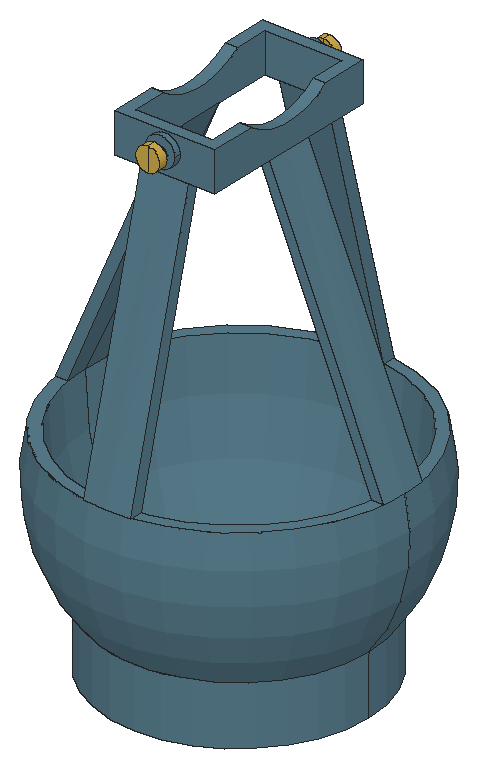
Revit family "Air_Gap-Zurn_Wilikns_Model_AG-4 thru AG-8", category Pipe Accessories, Revit 2022
Family settings
  Round Connector Dimension = Use Radius
  Part Type = Valve - Breaks Into
  OmniClass Number = 23.65.55.14
  OmniClass Title = Valves for Liquid Services
  Work Plane-Based = No
  Always vertical = Yes
  Cut with Voids When Loaded = No
  Shared = No
Parameters (values of type "AG-7 (8"-10" 375 & 475 Air Gap)")
  URL = "www.zurn.com/"
  Top End Width = 0' - 2 1/8"
  Top End Length = 0' - 3 115/128"
  Top End Height = 0' - 0 53/64"
  Top Cut center = 0' - 1 21/64"
  Top Cut Radius = 0' - 1 83/128"
  Thickness = 0' - 0 1/4"
  Repair Parts URL = ""
  Product data URL = "https://bimobject.com/zurnindustries/product/AG"
  Product Weight (lbs) = 8
  Product Page URL = "https://www.zurn.com/products/water-control/backflow-accessories/ag"
  Product Installation Sheet URL = ""
  Product Documentation Link = "https://files.zurn.com/spec-sheets/bf-ag.pdf"
  PIPE Max Radius = DIM A / 2  # 0' - 3 1/2"
  OUTER RADIUS = Base Circle OD / 2  # 0' - 2 3/4"
  Nominal Radius = Nominal Diameter / 2  # 0' - 2"
  Nominal Diameter = DIM C INNER DIAMETER  # 0' - 4"
  Modified Date = "06/18/2025"  # constant formula
  Model = "AG-7"
  Max Working Water Temperature = 0 °F
  Max Working Water Pressure = 0.00 psi
  Manufacturer Brand = "Zurn Wilkins"  # constant formula
  Manufacturer = "Zurn Water, LLC"  # constant formula
  Main Material = Paint - Zurn - Cast Grey Iron - Blue
  MR Dia = DIM A + 0' 0 1/4"  # 0' - 7 1/4"
  Length = 2' - 0"
  Height = 1' - 0"
  Flow Rate (GPM) = 0 GPM
  Description = "Air Gap Adaptor Fitting"  # constant formula
  Default Elevation = 0' - 0"
  Date Created = "06/18/2025"  # constant formula
  DIM C INNER DIAMETER = 0' - 4"
  DIM B TOTAL LENGTH = 0' - 11"
  DIM A = 0' - 7"
  Cut Height = 0' - 6 1/2"
  Bush Height = 0' - 0 1/8"  # constant formula
  Bolt hole Bush Dia = 0' - 0 161/256"
  Bolt hole Dia = 0' - 0 1/4"  # constant formula
  Bolt circle from End = 0' - 0.35"
  Bolt Width = Bolt hole Dia - 0' 0 5/64"  # 0' - 0 11/64"
  Base Height = 0' - 1 1/4"
  Base Circle OD = 0' - 5 1/2"
  Assembly Code = "D2020300"
  Arm width = 0' - 1"
Types (10): name | Top End Width | Top End Length | Top End Height | Top Cut center | Top Cut Radius | Thickness | Product Weight (lbs) | PIPE Max Radius | OUTER RADIUS | Nominal Radius | Nominal Diameter | Model | MR Dia | DIM C INNER DIAMETER | DIM B TOTAL LENGTH | DIM A | Cut Height | Bolt hole Bush Dia | Bolt circle from End | Base Height | Base Circle OD | Arm width
  (no name) | 0' - 2 1/8" | 0' - 3 115/128" | 0' - 0 53/64" | 0' - 1 21/64" | 0' - 1 83/128" | 0' - 0 1/4" | 8 | 0' - 3 1/2" | 0' - 2 3/4" | 0' - 2" | 0' - 4" | "AG-7" | 0' - 7 1/4" | 0' - 4" | 0' - 11" | 0' - 7" | 0' - 6 1/2" | 0' - 0 161/256" | 0' - 0.35" | 0' - 1 1/4" | 0' - 5 1/2" | 0' - 1"
  AG-8 (1/4” – 1/2” 975XL & 975XL2 Air Gap) | 0' - 1.3" | 0' - 1 1/2" | 0' - 0 1/2" | 0' - 0 51/128" | 0' - 0 3/4" | 0' - 0.11741" | 2 | 0' - 1 1/4" | 0' - 0 7/8" | 0' - 0 1/2" | 0' - 1" | "AG-8" | 0' - 2 3/4" | 0' - 1" | 0' - 3 1/2" | 0' - 2 1/2" | 0' - 1 3/4" | 0' - 0 1/2" | 0' - 0 1/4" | 0' - 0.7" | 0' - 1 3/4" | 0' - 0 1/2"
  AG-4 (3/4"-1" 975XL & 975XL2 Air Gap) | 0' - 1 51/128" | 0' - 1 179/256" | 0' - 0 177/256" | 0' - 0.57" | 0' - 0.8" | 0' - 0 51/256" | 2 | 0' - 1 5/8" | 0' - 0 7/8" | 0' - 0 1/2" | 0' - 1" | "AG-4" | 0' - 3 1/2" | 0' - 1" | 0' - 5" | 0' - 3 1/4" | 0' - 2.7" | 0' - 0 161/256" | 0' - 0 45/128" | 0' - 0 77/128" | 0' - 1 3/4" | 0' - 0 1/2"
  AG-5 (1 1/4" - 2" 975XL & 975XL2 Air Gap) | 0' - 2" | 0' - 2 1/8" | 0' - 0 3/4" | 0' - 0.57" | 0' - 0.8" | 0' - 0 1/4" | 3 | 0' - 2 1/4" | 0' - 1 1/2" | 0' - 1" | 0' - 2" | "AG-5" | 0' - 4 3/4" | 0' - 2" | 0' - 8" | 0' - 4 1/2" | 0' - 4 3/4" | 0' - 0 161/256" | 0' - 0 45/128" | 0' - 0 3/4" | 0' - 3" | 0' - 0 3/4"
  AG-6 (2 1/2" - 3" 475V Air Gap) | 0' - 2 1/8" | 0' - 3" | 0' - 0 205/256" | 0' - 1 77/256" | 0' - 1 77/128" | 0' - 0 1/4" | 5 | 0' - 2 11/16" | 0' - 2 1/8" | 0' - 1 1/2" | 0' - 3" | "AG-6" | 0' - 5 5/8" | 0' - 3" | 0' - 10" | 0' - 5 3/8" | 0' - 6 1/4" | 0' - 0 161/256" | 0' - 0 45/128" | 0' - 1 1/4" | 0' - 4 1/4" | 0' - 1"
  AG-7 (8"-10" 375 & 475 Air Gap) | 0' - 2 1/8" | 0' - 3 115/128" | 0' - 0 53/64" | 0' - 1 21/64" | 0' - 1 83/128" | 0' - 0 1/4" | 8 | 0' - 3 1/2" | 0' - 2 3/4" | 0' - 2" | 0' - 4" | "AG-7" | 0' - 7 1/4" | 0' - 4" | 0' - 11" | 0' - 7" | 0' - 6 1/2" | 0' - 0 161/256" | 0' - 0.35" | 0' - 1 1/4" | 0' - 5 1/2" | 0' - 1"
  AG-4 (1 1/4"-1 1/2" 975XL3 Air Gap) | 0' - 1 51/128" | 0' - 1 179/256" | 0' - 0 177/256" | 0' - 0.57" | 0' - 0.8" | 0' - 0 51/256" | 2 | 0' - 1 5/8" | 0' - 0 7/8" | 0' - 0 1/2" | 0' - 1" | "AG-4" | 0' - 3 1/2" | 0' - 1" | 0' - 5" | 0' - 3 1/4" | 0' - 2.7" | 0' - 0 161/256" | 0' - 0 45/128" | 0' - 0.6" | 0' - 1 3/4" | 0' - 0 1/2"
  AG-8 (1/2” – 1” 975XL3 Air Gap) | 0' - 1.3" | 0' - 1 1/2" | 0' - 0 1/2" | 0' - 0 51/128" | 0' - 0 3/4" | 0' - 0.11741" | 2 | 0' - 1 1/4" | 0' - 0 7/8" | 0' - 0 1/2" | 0' - 1" | "AG-8" | 0' - 2 3/4" | 0' - 1" | 0' - 3 1/2" | 0' - 2 1/2" | 0' - 1 3/4" | 0' - 0 1/2" | 0' - 0 1/4" | 0' - 0.7" | 0' - 1 3/4" | 0' - 0 1/2"
  AG-5 (2" 975XL3 Air Gap) | 0' - 2" | 0' - 2 1/8" | 0' - 0 3/4" | 0' - 0.57" | 0' - 0.8" | 0' - 0 1/4" | 3 | 0' - 2 1/4" | 0' - 1 1/2" | 0' - 1" | 0' - 2" | "AG-5" | 0' - 4 3/4" | 0' - 2" | 0' - 8" | 0' - 4 1/2" | 0' - 4 3/4" | 0' - 0 161/256" | 0' - 0 45/128" | 0' - 0 3/4" | 0' - 3" | 0' - 0 3/4"
  AG-6 (2 1/2" - 6" 375 & 475 Air Gap) | 0' - 2 1/8" | 0' - 3" | 0' - 0 205/256" | 0' - 1 77/256" | 0' - 1 77/128" | 0' - 0 1/4" | 5 | 0' - 2 11/16" | 0' - 2 1/8" | 0' - 1 1/2" | 0' - 3" | "AG-6" | 0' - 5 5/8" | 0' - 3" | 0' - 10" | 0' - 5 3/8" | 0' - 6 1/4" | 0' - 0 161/256" | 0' - 0 45/128" | 0' - 1 1/4" | 0' - 4 1/4" | 0' - 1"
Reference planes (in)
  plane 1 "Center (Front/Back)": y = 0
  plane 2: z = 0
  plane 3 "Center (Left/Right)": x = 0
  plane 4 "Left Side Plane": x = -12
  plane 5 "Right side Plane": x = 12
  plane 6 "Back Plane": y = 6
  plane 7 "Front Plane": y = -6
  plane 8 "Top Plane": z = 6
  plane 9 "Bottom Plane": z = -6
  plane 10: z = 11
  plane 11: y = 3.5
  plane 12: y = 11
  plane 13: x = -3.5
  plane 14: x = 3.5
  plane 15: z = 1.25
  plane 16: z = 10.17187
  plane 17: z = 4.5
  plane 18: y = 1.94922
  plane 19: y = -1.94922
  plane 20: x = -0.5
  plane 21: x = 0.5
  plane 22: y = -3.5
  plane 23: x = -2.75
  plane 24: x = 2.75
  plane 25: y = -2.07422
  plane 26: y = 2.07422
  plane 27: z = 10.65
  plane 28: y = 2.397
  plane 29: y = -2.397
  plane 30: x = -1.0625
  plane 31: x = 1.0625
  plane 32: x = -0.8125
  plane 33: x = 0.8125
Forms (in)
  Extrusion 1, solid, material "Paint - Zurn - Cast Grey Iron - Blue", detail levels fine
    sketch origin (0, 0, 0) x (1, 0, 0) y (0, 1, 0)
      loop
        circle (0, 0) r 2.75
      loop
        circle (0, 0) r 2
    from 0 to 1.25
  Extrusion 2, solid, material "Paint - Zurn - Cast Grey Iron - Blue", detail levels fine
    sketch origin (0, 0, 0) x (1, 0, 0) y (0, 1, 0)
      loop
        line (-1.0625, 1.94922) -> (-1.0625, -1.94922) -> (1.0625, -1.94922) -> (1.0625, 1.94922) -> (-1.0625, 1.94922)
      loop
        line (-0.8125, 1.69922) -> (-0.8125, -1.69922) -> (0.8125, -1.69922) -> (0.8125, 1.69922) -> (-0.8125, 1.69922)
    from 10.17188 to 11
  Revolve 3, solid, material "Paint - Zurn - Cast Grey Iron - Blue", detail levels fine
    sketch origin (0, 0, 0) x (1, 0, 0) y (0, 0, 1)
      loop
        arc (2.75, 1.25) -> (3.52225, 2.78333) -> (3.5, 4.5) r 3.61482
        line (3.5, 4.5) -> (3.25, 4.5)
        arc (3.25, 4.5) -> (3.06477, 2.83121) -> (2.5, 1.25) r 7.23777
        line (2.5, 1.25) -> (2.75, 1.25)
      axis (0, 1.25) -> (0, 4.5)
    angle from 0 to 360
  Blend 4, solid, material "Paint - Zurn - Cast Grey Iron - Blue", detail levels fine
    base sketch origin (0, 0, 0) x (1, 0, 0) y (0, 1, 0)
      loop
        arc (-3.25, 0) -> (-3.24031, 0.25075) -> (-3.21131, 0.5) r 3.25
        line (-3.21131, 0.5) -> (-3.4641, 0.5)
        arc (-3.4641, 0.5) -> (-3.5, 0) -> (-3.4641, -0.5) r 3.5
        line (-3.4641, -0.5) -> (-3.21131, -0.5)
        arc (-3.21131, -0.5) -> (-3.24031, -0.25075) -> (-3.25, 0) r 3.25
    top sketch origin (0, 0, 0) x (1, 0, 0) y (0, 1, 0)
      loop
        line (-1.0625, 0.5) -> (-1.0625, -0.5) -> (-0.8125, -0.5) -> (-0.8125, 0.5) -> (-1.0625, 0.5)
    from 4.5 to 10.17188
  Blend 5, solid, material "Paint - Zurn - Cast Grey Iron - Blue", detail levels fine
    base sketch origin (0, 0, 0) x (1, 0, 0) y (0, 1, 0)
      loop
        arc (3.21131, 0.5) -> (3.25, 0) -> (3.21131, -0.5) r 3.25
        line (3.21131, -0.5) -> (3.4641, -0.5)
        arc (3.4641, -0.5) -> (3.5, 0) -> (3.4641, 0.5) r 3.5
        line (3.4641, 0.5) -> (3.21131, 0.5)
    top sketch origin (0, 0, 0) x (1, 0, 0) y (0, 1, 0)
      loop
        line (0.8125, 0.5) -> (0.8125, -0.5) -> (1.0625, -0.5) -> (1.0625, 0.5) -> (0.8125, 0.5)
    from 4.5 to 10.17188
  Blend 6, solid, material "Paint - Zurn - Cast Grey Iron - Blue", detail levels fine
    base sketch origin (0.25, 1.05685, 0) x (1, 0, 0) y (0, 1, 0)
      loop
        arc (-0.75, -4.52095) -> (-0.25, -4.55685) -> (0.25, -4.52095) r 3.5
        line (0.25, -4.52095) -> (0.25, -4.26815)
        arc (0.25, -4.26815) -> (-0.25, -4.30685) -> (-0.75, -4.26815) r 3.25
        line (-0.75, -4.26815) -> (-0.75, -4.52095)
    top sketch origin (0.25, 1.05685, 0) x (1, 0, 0) y (0, 1, 0)
      loop
        line (-0.75, -2.75606) -> (-0.75, -3.00606) -> (0.25, -3.00606) -> (0.25, -2.75606) -> (-0.75, -2.75606)
    from 4.5 to 10.17188
  Blend 7, solid, material "Paint - Zurn - Cast Grey Iron - Blue", detail levels fine
    base sketch origin (0, 0.44589, 0) x (1, 0, 0) y (0, 1, 0)
      loop
        line (-0.5, 3.01821) -> (-0.5, 2.76542)
        arc (-0.5, 2.76542) -> (0, 2.80411) -> (0.5, 2.76542) r 3.25
        line (0.5, 2.76542) -> (0.5, 3.01821)
        arc (0.5, 3.01821) -> (0, 3.05411) -> (-0.5, 3.01821) r 3.5
    top sketch origin (0, 0.44589, 0) x (1, 0, 0) y (0, 1, 0)
      loop
        line (-0.5, 1.50333) -> (-0.5, 1.25333) -> (0.5, 1.25333) -> (0.5, 1.50333) -> (-0.5, 1.50333)
    from 4.5 to 10.17188
  Extrusion 8, void
    sketch origin (0, 0, 0) x (0, 1, 0) y (0, 0, 1)
      loop
        circle (0, 12.32812) r 1.64844
    from -1.66499 to 2.53473
  Extrusion 9, solid, material "Paint - Zurn - Cast Grey Iron - Blue", detail levels fine
    sketch origin (0, 0, 0) x (1, 0, 0) y (0, 0, 1)
      loop
        circle (0, 10.65) r 0.31445
      loop
        circle (0, 10.65) r 0.125
    from 1.94922 to 2.07422
  Extrusion 10, solid, material "Paint - Zurn - Cast Grey Iron - Blue", detail levels fine
    sketch origin (0, 0, 0) x (1, 0, 0) y (0, 0, -1)
      loop
        circle (0, -10.65) r 0.31445
      loop
        circle (0, -10.65) r 0.125
    from 1.94922 to 2.07422
  Revolve 11, solid, material "Paint - Zurn - Brass", detail levels fine
    sketch origin (0, 0.125, 0) x (0, 1, 0) y (0, 0, 1)
      loop
        line (1.82422, 10.65) -> (1.82422, 10.525) -> (2.10013, 10.525) -> (2.10013, 10.4) -> (2.272, 10.4) -> (2.272, 10.65) -> (1.82422, 10.65)
      loop
        line (-2.07422, 10.65) -> (-2.522, 10.65) -> (-2.522, 10.4) -> (-2.35013, 10.4) -> (-2.35013, 10.525) -> (-2.07422, 10.525) -> (-2.07422, 10.65)
      axis (2.272, 10.65) -> (-2.522, 10.65)
    angle from 0 to 360
Cuts and joins
  Extrusion 8 cuts Extrusion 2
  Extrusion 8 cuts Blend 7
  Extrusion 8 cuts Extrusion 1
  Extrusion 8 cuts Revolve 3
  Extrusion 8 cuts Blend 4
  Extrusion 8 cuts Blend 6
  Extrusion 8 cuts Blend 5
  Extrusion 8 cuts Extrusion 9
Lines and regions (in)
  Masking region 1, detail levels fine
    outline origin (0, 0, 0) x (1, 0, 0) y (0, 1, 0)
      loop
        circle (0, 0) r 3.625
  symbolic lines, detail levels coarse+medium
    curve 1: line (0, 0, 0) -> (0, 0, 11)
    curve 2: line (0, 0, 11) -> (0, 0, 0)
    curve 3: circle (0, 0, 0) r 3.625 normal (0, 0, 1)
    curve 4: line (-1.0625, 0, 11) -> (1.0625, 0, 11)
    curve 5: line (-2.75, 0, 0) -> (2.75, 0, 0)
    curve 6: line (0, 3.5, 11) -> (0, -3.5, 11)
    curve 7: line (0, 2.75, 0) -> (0, -2.75, 0)
  model lines, detail levels coarse+medium
    curve 8: line (0, 0, 11) -> (0, 0, 0)
    curve 9: line (0, 1.94922, 11) -> (0, -1.94922, 11)
    curve 10: line (0, 2.75, 0) -> (0, -2.75, 0)
    curve 11: line (-1.0625, 0, 11) -> (1.0625, 0, 11)
    curve 12: line (-2.75, 0, 0) -> (2.75, 0, 0)
Dimensions and locks (in)
  equal spacing: plane 5 "Right side Plane", plane 3 "Center (Left/Right)", plane 4 "Left Side Plane"
  "Length": plane 5 "Right side Plane" to plane 4 "Left Side Plane"
  equal spacing: plane 8 "Top Plane", plane 2, plane 9 "Bottom Plane"
  "Height": plane 8 "Top Plane" to plane 9 "Bottom Plane"
  equal spacing: plane 7 "Front Plane", plane 1 "Center (Front/Back)", plane 6 "Back Plane"
  locked: plane 7 "Front Plane" to plane 6 "Back Plane" at 12
  "DIM B TOTAL LENGTH": plane 1 "Center (Front/Back)" to plane 12
  equal spacing: plane 14, plane 3 "Center (Left/Right)", plane 13
  "DIM A": plane 14 to plane 13
  "DIM B TOTAL LENGTH": plane 10 to level
  "Top End Width": Extrusion 2 sketch curve to Extrusion 2 sketch curve
  "Top End Length": Extrusion 2 sketch curve to Extrusion 2 sketch curve
  equal spacing: Extrusion 2 sketch curve, plane 1 "Center (Front/Back)", Extrusion 2 sketch curve  (x2)
  equal spacing: Extrusion 2 sketch curve, plane 3 "Center (Left/Right)", Extrusion 2 sketch curve  (x2)
  "Thickness": Extrusion 2 sketch curve to Extrusion 2 sketch curve  (x2)
  "Top End Height": plane 10 to plane 16
  "Cut Height": plane 10 to plane 17
  "OUTER RADIUS": Revolve 3 sketch curve to plane 3 "Center (Left/Right)"
  "Top End Length": plane 19 to plane 18
  equal spacing: plane 19, plane 1 "Center (Front/Back)", plane 18
  equal spacing: plane 21, plane 3 "Center (Left/Right)", plane 20
  "Arm width": plane 21 to plane 20
  equal spacing: plane 22, plane 1 "Center (Front/Back)", plane 11
  "DIM A": plane 22 to plane 11
  equal spacing: Blend 4 sketch curve, plane 1 "Center (Front/Back)", Blend 4 sketch curve
  "Arm width": Blend 4 sketch curve to Blend 4 sketch curve
  "Top Cut center": Extrusion 8 sketch curve to plane 10
  "Base Height": plane 15 to level
  equal spacing: plane 24, plane 3 "Center (Left/Right)", plane 23
  "Base Circle OD": plane 24 to plane 23
  "Thickness": Revolve 3 sketch curve to Revolve 3 sketch curve  (x2)
  "Bolt circle from End": plane 10 to Extrusion 9 sketch curve  (x2)
  "Bush Height": plane 19 to plane 25
  equal spacing: plane 26, plane 1 "Center (Front/Back)", plane 25
  "Bolt circle from End": Extrusion 10 sketch curve to plane 10  (x2)
  "Bolt circle from End": plane 10 to plane 27
  locked: Revolve 11 sketch curve to plane 27 at 0.125
  equal spacing: plane 28, plane 1 "Center (Front/Back)", plane 29
  "Bolt Width": Revolve 11 sketch curve to Revolve 11 sketch curve  (x2)
  locked: plane 28 to plane 26 at 0.32278
  "Bolt hole Dia": plane 27 to Revolve 11 sketch curve
  equal spacing: plane 30, plane 3 "Center (Left/Right)", plane 31
  "Top End Width": plane 30 to plane 31
  "Thickness": plane 30 to plane 32
  "Thickness": plane 33 to plane 31
  "Base Circle OD": curve 5 to curve 5
  equal spacing: curve 5, plane 3 "Center (Left/Right)", curve 5
  "Base Circle OD": curve 7 to curve 7
  equal spacing: curve 7, plane 1 "Center (Front/Back)", curve 7
  equal spacing: curve 10, plane 1 "Center (Front/Back)", curve 10
  "Base Circle OD": curve 10 to curve 10
  equal spacing: curve 12, plane 3 "Center (Left/Right)", curve 12
  "Base Circle OD": curve 12 to curve 12
  "Base Circle OD": diameter of Extrusion 1 sketch curve
  "DIM C INNER DIAMETER": diameter of Extrusion 1 sketch curve
  "Top Cut Radius": radius of Extrusion 8 sketch curve
  "Bolt hole Bush Dia": diameter of Extrusion 9 sketch curve
  "Bolt hole Dia": diameter of Extrusion 9 sketch curve
  "Bolt hole Bush Dia": diameter of Extrusion 10 sketch curve
  "Bolt hole Dia": diameter of Extrusion 10 sketch curve
  "MR Dia": diameter of Masking region 1 sketch curve
  "MR Dia": diameter of curve 3
  aligned and locked: plane 2 to level
  aligned and locked: plane 1 "Center (Front/Back)" to Extrusion 1 sketch curve  (x2)
  aligned and locked: plane 3 "Center (Left/Right)" to Extrusion 1 sketch curve  (x2)
  aligned and locked: Extrusion 1 to level
  aligned and locked: plane 10 to Extrusion 2
  aligned and locked: plane 15 to Extrusion 1
  aligned and locked: Extrusion 2 to plane 16
  aligned and locked: plane 14 to Revolve 3 sketch curve
  aligned and locked: Revolve 3 sketch curve to plane 17
  aligned and locked: plane 3 "Center (Left/Right)" to Revolve 3 sketch curve  (x2)
  aligned and locked: plane 15 to Revolve 3 sketch curve
  aligned and locked: Extrusion 1 to Revolve 3 sketch curve
  aligned and locked: Blend 4 sketch curve to Revolve 3  (x3)
  aligned and locked: var sketch to Blend 4 sketch curve  (x2)
  aligned and locked: Blend 4 to Extrusion 2
  aligned and locked: Blend 4 to plane 17
  aligned and locked: Blend 4 to Blend 5 sketch curve  (x3)
  aligned and locked: Blend 5 sketch curve to Revolve 3  (x2)
  aligned and locked: Blend 5 sketch curve to Blend 4
  aligned and locked: Blend 5 to plane 17
  aligned and locked: Blend 5 to Extrusion 2
  aligned and locked: Blend 6 sketch curve to Revolve 3  (x2)
  aligned and locked: Blend 6 sketch curve to plane 21  (x2)
  aligned and locked: plane 20 to Blend 6 sketch curve  (x2)
  aligned and locked: Blend 6 to plane 17
  aligned and locked: Blend 6 to Extrusion 2
  aligned and locked: Blend 7 sketch curve to Revolve 3  (x2)
  aligned and locked: Blend 7 sketch curve to plane 20
  aligned and locked: Blend 7 sketch curve to plane 21  (x2)
  aligned and locked: plane 20 to Blend 7 sketch curve
  aligned and locked: Blend 7 to plane 17
  aligned and locked: Blend 7 to Extrusion 2
  aligned and locked: plane 1 "Center (Front/Back)" to Extrusion 8 sketch curve
  aligned and locked: plane 3 "Center (Left/Right)" to Extrusion 9 sketch curve  (x2)
  aligned and locked: Extrusion 9 to plane 19
  aligned and locked: plane 25 to Extrusion 9
  aligned and locked: plane 18 to Extrusion 10
  aligned and locked: Extrusion 10 to plane 26
  aligned and locked: plane 3 "Center (Left/Right)" to Extrusion 10 sketch curve  (x2)
  aligned and locked: plane 1 "Center (Front/Back)" to Masking region 1 sketch curve
  aligned and locked: plane 3 "Center (Left/Right)" to Masking region 1 sketch curve
  aligned and locked: plane 27 to Revolve 11 sketch curve  (x2)
  aligned and locked: Revolve 11 sketch curve to Revolve 11 sketch curve  (x2)
  aligned and locked: Revolve 11 sketch curve to plane 27
  aligned and locked: Revolve 11 to plane 18
  aligned and locked: Revolve 11 to plane 19
  aligned and locked: Revolve 11 to plane 28
  aligned and locked: Revolve 11 to plane 29
  aligned and locked: cut or joined group of Blend 7, Extrusion 8 to cut or joined group of Extrusion 2, Extrusion 8
  aligned and locked: plane 19 to Blend 6 sketch curve
  aligned and locked: Blend 6 sketch curve to cut or joined group of Extrusion 2, Extrusion 8
  aligned and locked: Blend 7 sketch curve to cut or joined group of Extrusion 2, Extrusion 8
  aligned and locked: Blend 7 sketch curve to plane 18
  aligned and locked: level to curve 1
  aligned and locked: plane 10 to curve 1
  aligned and locked: plane 3 "Center (Left/Right)" to curve 1
  aligned and locked: plane 10 to curve 2
  aligned and locked: level to curve 2
  aligned and locked: curve 2 to plane 1 "Center (Front/Back)"
  aligned and locked: plane 1 "Center (Front/Back)" to curve 3
  aligned and locked: plane 3 "Center (Left/Right)" to curve 3
  aligned and locked: plane 32 to Blend 4 sketch curve
  aligned and locked: Blend 4 sketch curve to plane 30
  aligned and locked: Blend 5 sketch curve to plane 31
  aligned and locked: plane 33 to Blend 5 sketch curve
  aligned and locked: plane 31 to curve 4
  aligned and locked: plane 30 to curve 4
  aligned and locked: curve 4 to plane 10
  aligned and locked: curve 5 to level
  aligned and locked: curve 6 to plane 11
  aligned and locked: curve 6 to plane 22
  aligned and locked: curve 6 to plane 10
  aligned and locked: curve 7 to level
  aligned and locked: curve 8 to plane 1 "Center (Front/Back)"
  aligned and locked: curve 10 to level
  aligned and locked: curve 9 to plane 18
  aligned and locked: curve 9 to plane 19
  aligned and locked: curve 9 to plane 10
  aligned and locked: plane 31 to curve 11
  aligned and locked: plane 30 to curve 11
  aligned and locked: curve 11 to plane 10
  aligned and locked: curve 12 to level
Automatic sketch dimensions
  Revolve 3 sketch curve to plane 17 = 0' - 0.04131"
  plane 15 to Revolve 3 sketch curve = 0' - 0.12518"
  Revolve 3 sketch curve to Revolve 3 sketch curve = 0' - 0.27928"
  Revolve 11 sketch curve to plane 29 = 0' - 0"
  plane 19 to Revolve 11 sketch curve = 0' - 0"
  plane 18 to Revolve 11 sketch curve = 0' - 0"
  Revolve 11 sketch curve to plane 28 = 0' - 0"
  plane 1 "Center (Front/Back)" to Revolve 11 sketch curve = 0' - 0.128"
  Revolve 11 sketch curve to plane 26 = 0' - 0 51/256"
